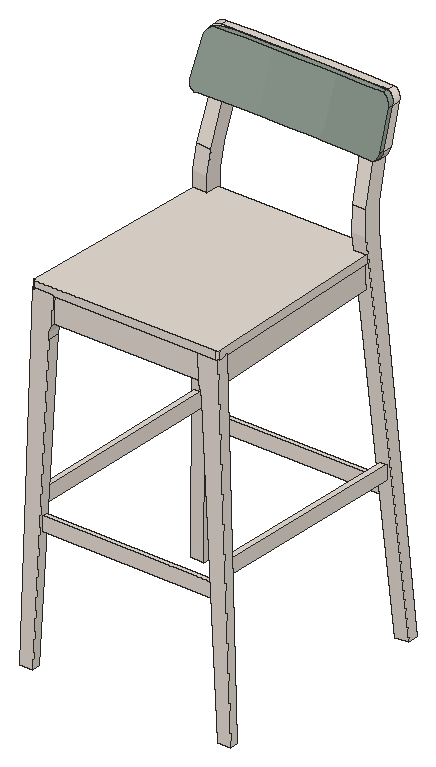
Revit family "FU_Stool_Sandler_Inga 3-4", category Furniture, Revit 2020
Family settings
  OmniClass Number = 23.40.20.00
  OmniClass Title = General Furniture and Specialties
  Work Plane-Based = No
  Always vertical = Yes
  Cut with Voids When Loaded = No
  Shared = No
  Room Calculation Point = No
Parameters (values of type "Inga 3.4")
  Width = 470 mm
  URL = "https://www.sandlerseating.com/product/inga-3-4/"
  Back [instance] = Fabric - Mainline Flax - Bayswater MLF24
  Model = "Inga 3.4"
  Manufacturer = "Sandler"
  Height = 1065 mm
  Frame [instance] = Wood -  Aniline - White
  Description = "Barstool with an upholstered back and wooden seat on a solid beech frame."
  Depth = 515 mm
  Default Elevation = 0 mm
Reference planes
  plane 1 "Center (Front/Back)": y = 0
  plane 2: z = 0
  plane 3 "Center (Left/Right)": x = 0
  plane 4 "Right": x = -235
  plane 5 "Left": x = 235
  plane 6 "Back": y = 257.5
  plane 7 "Front": y = -257.5
  plane 8 "Height": z = 1065
  plane 9 "Seat height": z = 770
  plane 10 "BRL C Front": through (-223.656, -1524, 6.942) normal (-0.998, 0, 0.0629)
  plane 11 "Cross Stretch RIGHT": z = 319.276
Forms (mm)
  Extrusion 1, solid, material "Wood -  Aniline - White" <- "Frame"
    sketch origin (-223.207, 0, 14.064) x (-0.062885, 0, -0.998021) y (0, -1, 0)
      loop
        line (14.088, -221.904) -> (-739.706, -170.353)
        arc (-739.706, -170.353) -> (-791.323, -166.38) -> (-842.719, -172.583) r 263.292
        arc (-842.719, -172.583) -> (-888.062, -184.609) -> (-932.278, -200.282) r 576.651
        line (-932.278, -200.282) -> (-1010.447, -234.651)
        arc (-1010.447, -234.651) -> (-1016.215, -251.155) -> (-999.349, -255.758) r 11.952
        arc (-999.349, -255.758) -> (-922.172, -228.309) -> (-842.736, -208.318) r 861.108
        arc (-842.736, -208.318) -> (-792.241, -202.51) -> (-741.487, -205.274) r 301.278
        line (-741.487, -205.274) -> (14.088, -243.812) -> (14.088, -221.904)
    from -14 to 16
  Extrusion 2, solid, material "Wood -  Aniline - White" <- "Frame"
    sketch origin (0, -257.5, 0) x (-1, 0, 0) y (0, 0, 1)
      loop
        line (203.243, 755.337) -> (160.475, 755.337) -> (162.275, 692.965)
        arc (162.275, 692.965) -> (167.122, 678.906) -> (169.282, 664.193) r 79.948
        line (169.282, 664.193) -> (204.244, 0) -> (231.625, 0) -> (203.243, 755.337)
    from 0 to 26
  Extrusion 3, void
    sketch origin (0, 0, 0) x (0, 1, 0) y (0, 0, 1)
      loop
        line (-240.28, -7.462) -> (-228.255, -7.462) -> (-228.255, 770) -> (-231.331, 770) -> (-240.28, -7.462)
    from -235 to 235
  Extrusion 4, solid, material "Wood -  Aniline - White" <- "Frame"
    sketch origin (0, -257.5, 0) x (1, 0, 0) y (0, 0, -1)
      loop
        line (203.243, -755.337) -> (231.625, 0) -> (204.244, 0) -> (169.282, -664.193)
        arc (169.282, -664.193) -> (167.122, -678.906) -> (162.275, -692.965) r 79.948
        line (162.275, -692.965) -> (160.475, -755.337) -> (203.243, -755.337)
    from 0 to 26
  Extrusion 5, solid, material "Wood -  Aniline - White" <- "Frame"
    sketch origin (0, 0, 0) x (0, 1, 0) y (0, 0, 1)
      loop
        line (-251.611, 753.215) -> (-251.611, 695.417) -> (-237.611, 695.417) -> (-237.611, 753.215) -> (-251.611, 753.215)
      loop
        line (182.525, 753.215) -> (182.525, 695.417) -> (197.878, 695.417) -> (197.878, 753.215) -> (182.525, 753.215)
    from -172 to 172
  Extrusion 6, solid, material "Wood -  Aniline - White" <- "Frame"
    sketch origin (0, 0, 770) x (-1, 0, 0) y (0, -1, 0)
      loop
        line (199.089, 233.696) -> (182.392, 233.696) -> (167.912, -178.326) -> (183.325, -178.326) -> (199.089, 233.696)
      loop
        line (-199.089, 233.696) -> (-183.325, -178.326) -> (-167.912, -178.326) -> (-182.392, 233.696) -> (-199.089, 233.696)
    from -73.647 to -16.784
  Sweep 7, solid, material "Wood -  Aniline - White" <- "Frame"
    path origin (0, 15, 0) x (0, 1, 0) y (0, 0, 1)
      loop
        line (201.523, 926.004) -> (255.109, 1066.106)
    profile "Pro_Inga_Back : Pro_Inga_Back" origin (0, 243.316, 996.055) x (0, -0.934012, 0.357242) y (1, 0, 0)
      loop
        arc (30.116, 241.175) -> (0, -0.038) -> (30.717, -241.175) r 971.366
        line (30.717, -241.175) -> (45.91, -241.175)
        arc (45.91, -241.175) -> (14.46, 0.005) -> (45.984, 241.175) r 939.367
        line (45.984, 241.175) -> (30.116, 241.175)
  Extrusion 8, void
    sketch origin (0, 257.5, 0) x (-1, 0, 0) y (0, 0, 1)
      loop
        line (210.101, 969.86) -> (205.284, 1046.309)
        arc (205.284, 1046.309) -> (198.261, 1060.303) -> (183.308, 1064.949) r 20
        arc (183.308, 1064.949) -> (0, 1055.69) -> (-183.308, 1064.949) r 1819.098
        arc (-183.308, 1064.949) -> (-198.261, 1060.303) -> (-205.284, 1046.309) r 20
        line (-205.284, 1046.309) -> (-210.101, 969.86)
        arc (-210.101, 969.86) -> (-205.852, 957.072) -> (-193.916, 950.817) r 18
        arc (-193.916, 950.817) -> (0, 941.208) -> (193.916, 950.817) r 1961.668
        arc (193.916, 950.817) -> (205.852, 957.072) -> (210.101, 969.86) r 18
      loop
        line (252.572, 1093.889) -> (-257.428, 1093.889) -> (-257.428, 918.889) -> (252.572, 918.889) -> (252.572, 1093.889)
    from -91.038 to 16.635
  Sweep 9, solid, material "Fabric - Mainline Flax - Bayswater MLF24" <- "Back"
    path origin (0, 15, 0) x (0, 1, 0) y (0, 0, 1)
      loop
        line (201.523, 926.004) -> (255.109, 1066.106)
    profile "Pro_Inga_Uph-Back : Pro_Inga_Uph-Back" origin (0, 243.316, 996.055) x (0, -0.934012, 0.357242) y (1, 0, 0)
      loop
        arc (45.116, 241.175) -> (15, -0.038) -> (45.717, -241.175) r 971.366
        line (45.717, -241.175) -> (56.451, -241.175)
        arc (56.451, -241.175) -> (25, 0.005) -> (56.524, 241.175) r 939.367
        line (56.524, 241.175) -> (45.116, 241.175)
  Extrusion 10, void
    sketch origin (0, 257.5, 0) x (-1, 0, 0) y (0, 0, 1)
      loop
        line (208.399, 970.415) -> (203.679, 1045.335)
        arc (203.679, 1045.335) -> (196.796, 1059.049) -> (182.142, 1063.602) r 19.6
        arc (182.142, 1063.602) -> (0, 1054.402) -> (-182.142, 1063.602) r 1807.525
        arc (-182.142, 1063.602) -> (-196.796, 1059.049) -> (-203.679, 1045.335) r 19.6
        line (-203.679, 1045.335) -> (-208.399, 970.415)
        arc (-208.399, 970.415) -> (-204.235, 957.883) -> (-192.538, 951.753) r 17.64
        arc (-192.538, 951.753) -> (0, 942.213) -> (192.538, 951.753) r 1947.724
        arc (192.538, 951.753) -> (204.235, 957.883) -> (208.399, 970.415) r 17.64
      loop
        line (252.572, 1093.889) -> (-257.428, 1093.889) -> (-257.428, 918.889) -> (252.572, 918.889) -> (252.572, 1093.889)
    from -96.184 to 10.5
  Extrusion 11, solid, material "Wood -  Aniline - White" <- "Frame"
    sketch origin (223.207, 0, 14.064) x (0.062885, 0, -0.998021) y (0, 1, 0)
      loop
        line (14.088, 221.904) -> (14.088, 243.812) -> (-741.487, 205.274)
        arc (-741.487, 205.274) -> (-792.241, 202.51) -> (-842.736, 208.318) r 301.278
        arc (-842.736, 208.318) -> (-922.172, 228.309) -> (-999.349, 255.758) r 861.108
        arc (-999.349, 255.758) -> (-1016.215, 251.155) -> (-1010.447, 234.651) r 11.952
        line (-1010.447, 234.651) -> (-932.278, 200.282)
        arc (-932.278, 200.282) -> (-888.062, 184.609) -> (-842.719, 172.583) r 576.651
        arc (-842.719, 172.583) -> (-791.323, 166.38) -> (-739.706, 170.353) r 263.292
        line (-739.706, 170.353) -> (14.088, 221.904)
    from -14 to 16
  Extrusion 12, solid, material "Wood -  Aniline - White" <- "Frame"
    sketch origin (0, 0, 0) x (0, 1, 0) y (0, 0, 1)
      loop
        line (-251.379, 308.04) -> (-251.379, 276.439) -> (-241.751, 276.439) -> (-241.751, 308.04) -> (-251.379, 308.04)
      loop
        line (212.749, 308.04) -> (212.749, 276.439) -> (223.249, 276.439) -> (223.249, 308.04) -> (212.749, 308.04)
    from -205.963 to 206
  Sweep 13, solid, material "Wood -  Aniline - White" <- "Frame"
    path origin (0, 0, 319.276) x (0, -1, 0) y (1, 0, 0)
      loop
        line (241.267, -201.776) -> (-208.724, -204.634)
    profile origin (-203.205, -16.272, 319.276) x (-0.99998, -0.006352, 0) y (0, 0, 1)
      loop
        line (6, 0) -> (6, 32.028) -> (-6, 32.028) -> (-6, 0) -> (6, 0)
  Sweep 14, solid, material "Wood -  Aniline - White" <- "Frame"
    path origin (0, 0, 319.276) x (0, -1, 0) y (-1, 0, 0)
      loop
        line (241.267, -201.776) -> (-208.724, -204.634)
    profile origin (203.205, -16.272, 319.276) x (-0.99998, 0.006352, 0) y (0, 0, 1)
      loop
        line (-6, 0) -> (6, 0) -> (6, 32.028) -> (-6, 32.028) -> (-6, 0)
  Extrusion 15, solid, material "Wood -  Aniline - White" <- "Frame"
    sketch origin (0, 0, 770) x (-1, 0, 0) y (0, -1, 0)
      loop
        line (198.707, 257.5) -> (-198.707, 257.5)
        arc (-198.707, 257.5) -> (-202.298, 255.979) -> (-203.705, 252.341) r 5
        line (-203.705, 252.341) -> (-189.541, -193.835)
        arc (-189.541, -193.835) -> (-188.023, -197.268) -> (-184.544, -198.676) r 5
        line (-184.544, -198.676) -> (184.544, -198.676)
        arc (184.544, -198.676) -> (188.023, -197.268) -> (189.541, -193.835) r 5
        line (189.541, -193.835) -> (203.705, 252.341)
        arc (203.705, 252.341) -> (202.298, 255.979) -> (198.707, 257.5) r 5
    from 0 to -17
Cuts and joins
  Extrusion 3 cuts Extrusion 2
  Extrusion 3 cuts Extrusion 4
  Extrusion 10 cuts Sweep 9
  Extrusion 8 cuts Sweep 7
Lines and regions (mm)
  reference lines
    curve 1: line (-207.78, -238.806, 319.276) -> (-195.802, -238.806, 319.276)
    curve 2: line (-210.705, 206.263, 319.276) -> (-198.532, 206.263, 319.276)
Dimensions and locks
  equal spacing: plane 4 "Right", plane 3 "Center (Left/Right)", plane 5 "Left"
  "Width": plane 4 "Right" to plane 5 "Left"
  equal spacing: plane 6 "Back", plane 1 "Center (Front/Back)", plane 7 "Front"
  "Depth": plane 6 "Back" to plane 7 "Front"
  "Height": plane 8 "Height" to level
  plane 9 "Seat height" to level = 770 mm
  aligned and locked: level to plane 2
Automatic sketch dimensions
  Extrusion 1 sketch curve to plane 6 "Back" = 22.849 mm
  Extrusion 1 sketch curve to Extrusion 1 sketch curve = 4.811 mm
  Extrusion 1 sketch curve to plane 6 "Back" = 57.218 mm
  Extrusion 1 sketch curve to Extrusion 1 sketch curve = 78.169 mm
  Extrusion 1 sketch curve to Extrusion 1 sketch curve = 146.651 mm
  Extrusion 1 sketch curve to Extrusion 1 sketch curve = 2.439 mm
  Extrusion 1 sketch curve to plane 6 "Back" = 52.226 mm
  Extrusion 1 sketch curve to Extrusion 1 sketch curve = 190.79 mm
  Extrusion 1 sketch curve to plane 6 "Back" = 87.147 mm
  Extrusion 1 sketch curve to Extrusion 1 sketch curve = 1.781 mm
  Extrusion 1 sketch curve to Extrusion 1 sketch curve = 65.51 mm
  Extrusion 1 sketch curve to Extrusion 1 sketch curve = 45.143 mm
  Extrusion 1 sketch curve to plane 6 "Back" = 13.688 mm
  Extrusion 1 sketch curve to Extrusion 1 sketch curve = 755.576 mm
  Extrusion 1 sketch curve to plane 6 "Back" = 11.907 mm
  plane 6 "Back" to Extrusion 1 sketch curve = 172.11 mm
  Extrusion 1 sketch curve to Extrusion 1 sketch curve = 74.042 mm
  Extrusion 1 sketch curve to Extrusion 1 sketch curve = 231.862 mm
  Extrusion 1 sketch curve to Extrusion 1 sketch curve = 316.924 mm
  Extrusion 1 sketch curve to Extrusion 1 sketch curve = 21.909 mm
  Extrusion 1 sketch curve to plane 6 "Back" = 1.742 mm
  Extrusion 2 sketch curve to level = 0 mm
  Extrusion 2 sketch curve to plane 3 "Center (Left/Right)" = 89.445 mm
  Extrusion 2 sketch curve to plane 9 "Seat height" = 14.663 mm
  Extrusion 2 sketch curve to plane 4 "Right" = 74.525 mm
  Extrusion 2 sketch curve to Extrusion 2 sketch curve = 1.801 mm
  Extrusion 2 sketch curve to Extrusion 2 sketch curve = 7.006 mm
  Extrusion 2 sketch curve to plane 4 "Right" = 31.757 mm
  Extrusion 2 sketch curve to plane 4 "Right" = 30.756 mm
  Extrusion 2 sketch curve to plane 4 "Right" = 3.375 mm
  Extrusion 2 sketch curve to plane 9 "Seat height" = 110.01 mm
  Extrusion 2 sketch curve to Extrusion 2 sketch curve = 4.203 mm
  Extrusion 3 sketch curve to plane 9 "Seat height" = 0 mm
  Extrusion 3 sketch curve to level = 7.462 mm
  plane 7 "Front" to Extrusion 3 sketch curve = 17.22 mm
  plane 7 "Front" to Extrusion 3 sketch curve = 26.169 mm
  Extrusion 3 sketch curve to Extrusion 3 sketch curve = 3.077 mm
  Extrusion 4 sketch curve to level = 0 mm
  Extrusion 4 sketch curve to plane 3 "Center (Left/Right)" = 89.445 mm
  plane 9 "Seat height" to Extrusion 4 sketch curve = 14.663 mm
  Extrusion 4 sketch curve to plane 5 "Left" = 74.525 mm
  Extrusion 4 sketch curve to Extrusion 4 sketch curve = 1.801 mm
  Extrusion 4 sketch curve to Extrusion 4 sketch curve = 7.006 mm
  Extrusion 4 sketch curve to plane 5 "Left" = 31.757 mm
  Extrusion 4 sketch curve to plane 5 "Left" = 30.756 mm
  Extrusion 4 sketch curve to plane 5 "Left" = 3.375 mm
  plane 9 "Seat height" to Extrusion 4 sketch curve = 110.01 mm
  Extrusion 4 sketch curve to Extrusion 4 sketch curve = 4.203 mm
  plane 7 "Front" to Extrusion 5 sketch curve = 5.889 mm
  Extrusion 5 sketch curve to Extrusion 5 sketch curve = 14 mm
  Extrusion 5 sketch curve to plane 9 "Seat height" = 16.785 mm  (x2)
  Extrusion 5 sketch curve to plane 6 "Back" = 74.975 mm
  Extrusion 5 sketch curve to Extrusion 5 sketch curve = 15.353 mm
  Extrusion 5 sketch curve to Extrusion 5 sketch curve = 57.798 mm
  Extrusion 5 sketch curve to plane 9 "Seat height" = 74.583 mm
  plane 5 "Left" to Extrusion 6 sketch curve = 35.911 mm
  plane 5 "Left" to Extrusion 6 sketch curve = 51.675 mm
  plane 7 "Front" to Extrusion 6 sketch curve = 23.804 mm  (x2)
  Extrusion 6 sketch curve to Extrusion 6 sketch curve = 16.697 mm  (x2)
  Extrusion 6 sketch curve to Extrusion 6 sketch curve = 15.414 mm  (x2)
  Extrusion 6 sketch curve to plane 4 "Right" = 67.088 mm
  Extrusion 6 sketch curve to plane 4 "Right" = 52.608 mm
  Extrusion 6 sketch curve to plane 6 "Back" = 79.174 mm  (x2)
  Sweep 7 sketch curve to plane 6 "Back" = 40.977 mm
  Sweep 7 sketch curve to plane 8 "Height" = 138.996 mm
  plane 8 "Height" to Sweep 7 sketch curve = 1.106 mm
  plane 6 "Back" to Sweep 7 sketch curve = 12.609 mm
  plane 3 "Center (Left/Right)" to Extrusion 8 sketch curve = 0 mm  (x2)
  Extrusion 8 sketch curve to plane 8 "Height" = 19.949 mm  (x2)
  plane 5 "Left" to Extrusion 8 sketch curve = 49.676 mm
  plane 5 "Left" to Extrusion 8 sketch curve = 42.863 mm
  Extrusion 8 sketch curve to Extrusion 8 sketch curve = 19.96 mm  (x2)
  Extrusion 8 sketch curve to Extrusion 8 sketch curve = 17.964 mm  (x2)
  Extrusion 8 sketch curve to plane 5 "Left" = 22.428 mm
  Extrusion 8 sketch curve to plane 4 "Right" = 49.676 mm
  Extrusion 8 sketch curve to plane 4 "Right" = 42.863 mm
  plane 4 "Right" to Extrusion 8 sketch curve = 17.572 mm
  Extrusion 8 sketch curve to Extrusion 8 sketch curve = 75.191 mm  (x2)
  Extrusion 8 sketch curve to Extrusion 8 sketch curve = 1.132 mm  (x2)
  Extrusion 8 sketch curve to Extrusion 8 sketch curve = 50.971 mm
  Extrusion 8 sketch curve to plane 8 "Height" = 18.691 mm  (x2)
  plane 8 "Height" to Extrusion 8 sketch curve = 28.889 mm
  Extrusion 8 sketch curve to Extrusion 8 sketch curve = 1780.898 mm
  Extrusion 8 sketch curve to Extrusion 8 sketch curve = 28.089 mm
  Extrusion 8 sketch curve to Extrusion 8 sketch curve = 0 mm  (x2)
  Sweep 9 sketch curve to plane 6 "Back" = 40.977 mm
  Sweep 9 sketch curve to plane 8 "Height" = 138.996 mm
  plane 8 "Height" to Sweep 9 sketch curve = 1.106 mm
  plane 6 "Back" to Sweep 9 sketch curve = 12.609 mm
  plane 3 "Center (Left/Right)" to Extrusion 10 sketch curve = 0 mm  (x2)
  Extrusion 10 sketch curve to plane 8 "Height" = 20.898 mm  (x2)
  plane 5 "Left" to Extrusion 10 sketch curve = 50.883 mm
  plane 5 "Left" to Extrusion 10 sketch curve = 44.206 mm
  Extrusion 10 sketch curve to Extrusion 10 sketch curve = 19.561 mm  (x2)
  Extrusion 10 sketch curve to Extrusion 10 sketch curve = 17.605 mm  (x2)
  Extrusion 10 sketch curve to plane 5 "Left" = 22.428 mm
  Extrusion 10 sketch curve to plane 4 "Right" = 50.883 mm
  Extrusion 10 sketch curve to plane 4 "Right" = 44.206 mm
  plane 4 "Right" to Extrusion 10 sketch curve = 17.572 mm
  Extrusion 10 sketch curve to Extrusion 10 sketch curve = 73.687 mm  (x2)
  Extrusion 10 sketch curve to Extrusion 10 sketch curve = 1.109 mm  (x2)
  Extrusion 10 sketch curve to Extrusion 10 sketch curve = 51.526 mm
  Extrusion 10 sketch curve to Extrusion 10 sketch curve = 1.233 mm  (x2)
  plane 8 "Height" to Extrusion 10 sketch curve = 28.889 mm
  Extrusion 10 sketch curve to Extrusion 10 sketch curve = 1768.037 mm
  Extrusion 10 sketch curve to Extrusion 10 sketch curve = 28.01 mm
  Extrusion 10 sketch curve to Extrusion 10 sketch curve = 0 mm  (x2)
  Extrusion 11 sketch curve to plane 6 "Back" = 22.849 mm
  Extrusion 11 sketch curve to Extrusion 11 sketch curve = 4.811 mm
  Extrusion 11 sketch curve to plane 6 "Back" = 57.218 mm
  Extrusion 11 sketch curve to Extrusion 11 sketch curve = 78.169 mm
  Extrusion 11 sketch curve to Extrusion 11 sketch curve = 146.651 mm
  Extrusion 11 sketch curve to Extrusion 11 sketch curve = 2.439 mm
  Extrusion 11 sketch curve to plane 6 "Back" = 52.226 mm
  Extrusion 11 sketch curve to Extrusion 11 sketch curve = 190.79 mm
  Extrusion 11 sketch curve to plane 6 "Back" = 87.147 mm
  Extrusion 11 sketch curve to Extrusion 11 sketch curve = 1.781 mm
  Extrusion 11 sketch curve to Extrusion 11 sketch curve = 65.51 mm
  Extrusion 11 sketch curve to Extrusion 11 sketch curve = 45.143 mm
  Extrusion 11 sketch curve to plane 6 "Back" = 13.688 mm
  Extrusion 11 sketch curve to Extrusion 11 sketch curve = 755.576 mm
  Extrusion 11 sketch curve to Extrusion 11 sketch curve = 21.909 mm
  Extrusion 11 sketch curve to plane 6 "Back" = 11.907 mm
  plane 6 "Back" to Extrusion 11 sketch curve = 172.11 mm
  Extrusion 11 sketch curve to Extrusion 11 sketch curve = 74.042 mm
  Extrusion 11 sketch curve to Extrusion 11 sketch curve = 231.862 mm
  Extrusion 11 sketch curve to Extrusion 11 sketch curve = 316.924 mm
  Extrusion 11 sketch curve to plane 6 "Back" = 1.742 mm
  plane 7 "Front" to Extrusion 12 sketch curve = 6.121 mm
  Extrusion 12 sketch curve to Extrusion 12 sketch curve = 9.627 mm
  Extrusion 12 sketch curve to plane 11 "Cross Stretch RIGHT" = 11.235 mm  (x2)
  Extrusion 12 sketch curve to plane 6 "Back" = 44.751 mm
  Extrusion 12 sketch curve to Extrusion 12 sketch curve = 10.5 mm
  Extrusion 12 sketch curve to Extrusion 12 sketch curve = 31.601 mm
  Extrusion 12 sketch curve to plane 11 "Cross Stretch RIGHT" = 42.837 mm
  curve 2 to plane 4 "Right" = 24.295 mm
  curve 2 to plane 6 "Back" = 51.237 mm
  plane 7 "Front" to curve 1 = 18.694 mm
  curve 1 to plane 4 "Right" = 27.22 mm
  curve 2 to curve 2 = 12.174 mm
  curve 1 to curve 1 = 11.978 mm
  Sweep 13 sketch curve to plane 6 "Back" = 48.776 mm
  Sweep 13 sketch curve to plane 4 "Right" = 30.366 mm
  plane 7 "Front" to Sweep 13 sketch curve = 16.233 mm
  Sweep 13 sketch curve to plane 4 "Right" = 33.224 mm
  plane 11 "Cross Stretch RIGHT" to Sweep 13 sketch curve = 0 mm
  profile plane to Sweep 13 sketch curve = 6 mm
  Sweep 13 sketch curve to profile plane = 6 mm
  plane 11 "Cross Stretch RIGHT" to Sweep 13 sketch curve = 32.028 mm
  plane 6 "Back" to Sweep 14 sketch curve = 48.776 mm
  Sweep 14 sketch curve to plane 5 "Left" = 30.366 mm
  Sweep 14 sketch curve to plane 7 "Front" = 16.233 mm
  Sweep 14 sketch curve to plane 5 "Left" = 33.224 mm
  plane 11 "Cross Stretch RIGHT" to Sweep 14 sketch curve = 0 mm
  profile plane to Sweep 14 sketch curve = 6 mm
  Sweep 14 sketch curve to profile plane = 6 mm
  plane 11 "Cross Stretch RIGHT" to Sweep 14 sketch curve = 32.028 mm
  Extrusion 15 sketch curve to plane 7 "Front" = 0 mm
  plane 7 "Front" to Extrusion 15 sketch curve = 5.159 mm  (x2)
  plane 5 "Left" to Extrusion 15 sketch curve = 31.295 mm
  Extrusion 15 sketch curve to Extrusion 15 sketch curve = 4.997 mm  (x4)
  plane 5 "Left" to Extrusion 15 sketch curve = 45.459 mm
  Extrusion 15 sketch curve to plane 4 "Right" = 50.456 mm
  Extrusion 15 sketch curve to plane 4 "Right" = 36.293 mm
  Extrusion 15 sketch curve to plane 6 "Back" = 63.824 mm
  Extrusion 15 sketch curve to plane 1 "Center (Front/Back)" = 193.676 mm
  Extrusion 15 sketch curve to Extrusion 15 sketch curve = 0.159 mm
